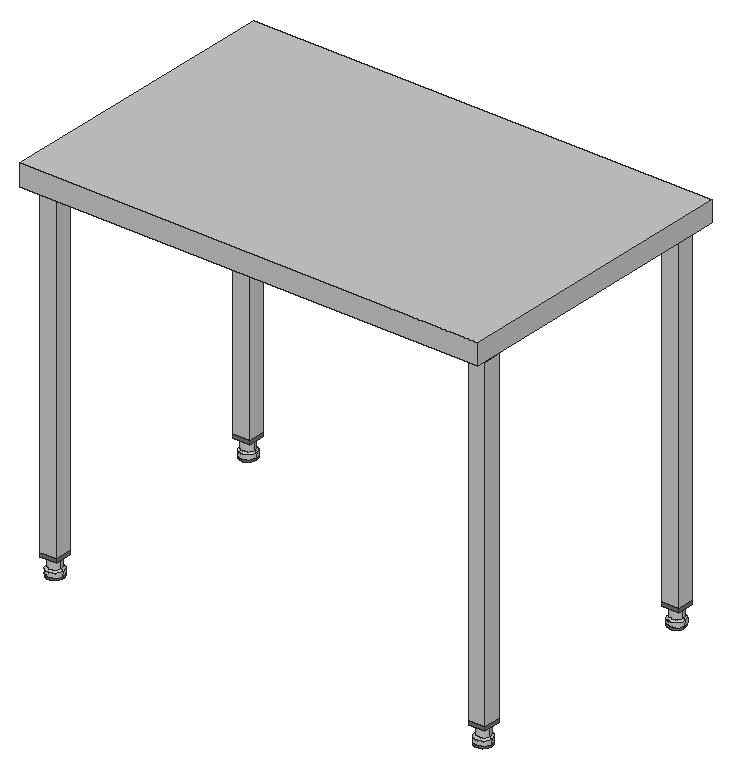
Revit family "QF_ELECTROLUXPROFESSIONAL_133219_TG1100N", category Attrezzature speciali, Revit 2020
Family settings
  Quota connettore circolare = Usa diametro
  Tipo di parte = Normale
  Basato su piano di lavoro = No
  Sempre verticale = Sì
  Taglio con vuoti quando caricato = No
  Condiviso = No
  Punto di calcolo locali = No
Parameters (values of type "Standard")
  Weight = 37.00 kg
  Watts = 0 W
  Volts = 0 V
  URL Manufacturer = "https://www.electroluxprofessional.com/"
  URL = "https://www.electroluxprofessional.com/"
  Steam Supply Size = 0 mm
  Steam Supply Minimum Pressure = 0.0 Pa
  Steam Supply Maximum Pressure = 0.0 Pa
  Steam Consumption per Hour = 0
  Refrigeration Suction Line Size = 0.0 mm
  Refrigeration Liquid Line Size = 0.0 mm
  Refrigerant Compressor Remote = yes
  Prospetto di default = 0.0 mm
  Produttore = "Electrolux Professional"
  Phase = 0
  Modello = "TG1100N"
  Length Actual = 1100.0 mm  # constant formula
  Item Number = "133219"
  Hot Water Size = 0 mm
  Height Actual = 900.0 mm  # constant formula
  HP = "0 HP"
  Gas Size = 0 mm
  Gas KW = 0
  Gas Input Pressure = 0 W
  Direct Waste Size = 0 mm
  Descrizione = "WORK TABLE 1100 MM"
  Depth Actual = 700.0 mm  # constant formula
  Cycle = 0 Hz
  Condensate Return Size = 0 mm
  Compressed Air Volume = 0.0 L/s
  Compressed Air Size = 0 mm
  Compressed Air Pressure = 0.0 Pa
  Cold Water Size = 0 mm
  Accessory = yes
Reference planes
  plane 1 "Center (Front/Back)": y = 0
  plane 2: z = 0
  plane 3 "Center (Left/Right)": x = -50
  plane 4 "LEFT": x = -600
  plane 5 "RIGHT": x = 500
  plane 6 "BACK": y = 350
  plane 7 "FRONT": y = -350
  plane 8 "Base": z = 850
  plane 9 "TOP": z = 900
  plane 10: x = -564.5
  plane 11: x = 464.5
  plane 12: y = 290
  plane 13: y = -290
Forms (mm)
  Extrusion 1, solid, material "QF_Finishes_Stainless Steel"
    sketch origin (-50, 0, 0) x (0, 1, 0) y (0, 0, 1)
      loop
        line (-350, 850) -> (350, 850) -> (350, 900) -> (-350, 900) -> (-350, 850)
    from 550 to -550
Lines and regions (mm)
  symbolic lines
    curve 1: line (500, 350, 900) -> (-600, 350, 900)
    curve 2: line (-600, 350, 900) -> (-600, -350, 900)
    curve 3: line (-600, -350, 900) -> (500, -350, 900)
    curve 4: line (500, -350, 900) -> (500, 350, 900)
Dimensions and locks
  plane 4 "LEFT" to plane 5 "RIGHT" = 1100.0 mm
  equal spacing: plane 4 "LEFT", plane 3 "Center (Left/Right)", plane 5 "RIGHT"
  plane 4 "LEFT" to plane 10 = 35.5 mm
  plane 11 to plane 5 "RIGHT" = 35.5 mm
  plane 10 to plane 11 = 1029.0 mm
  locked: plane 9 "TOP" to level at 900
  plane 6 "BACK" to plane 12 = 60.0 mm
  plane 13 to plane 7 "FRONT" = 60.0 mm
  plane 6 "BACK" to plane 7 "FRONT" = 700.0 mm
  plane 12 to plane 13 = 580.0 mm
  equal spacing: plane 6 "BACK", plane 1 "Center (Front/Back)", plane 7 "FRONT"
  locked: plane 8 "Base" to level at 850
  aligned and locked: level to plane 2
  aligned and locked: plane 10 to nested 1
  aligned and locked: nested 1 to plane 13
  aligned and locked: plane 11 to nested 2
  aligned and locked: nested 2 to plane 13
  aligned and locked: plane 11 to nested 4
  aligned and locked: nested 4 to plane 12
  aligned and locked: plane 10 to nested 3
  aligned and locked: nested 3 to plane 12
  aligned and locked: Extrusion 1 to plane 4 "LEFT"
  aligned and locked: plane 5 "RIGHT" to Extrusion 1
  aligned and locked: curve 2 to plane 4 "LEFT"
Automatic sketch dimensions
  Extrusion 1 sketch curve to plane 7 "FRONT" = 0.0 mm
  Extrusion 1 sketch curve to plane 8 "Base" = 0.0 mm
  curve 3 to plane 7 "FRONT" = 0.0 mm
  curve 4 to plane 6 "BACK" = 0.0 mm
  Extrusion 1 sketch curve to plane 9 "TOP" = 0.0 mm
  Extrusion 1 sketch curve to plane 6 "BACK" = 0.0 mm
  curve 4 to plane 5 "RIGHT" = 0.0 mm
Nested families
  nested 1: "FEET_40x40_APP42" at (-564.5, -290, 0), type "FEET_40x40_APP42"
  nested 2: "FEET_40x40_APP42" at (464.5, -290, 0), type "FEET_40x40_APP42"
  nested 3: "FEET_40x40_APP42" at (-564.5, 290, 0), type "FEET_40x40_APP42"
  nested 4: "FEET_40x40_APP42" at (464.5, 290, 0), type "FEET_40x40_APP42"
Definition of nested family "FEET_40x40_APP42"
  Parameters
    Default Elevation = 0.0 mm
    FEET = 850.0 mm
  Reference planes
    plane 1 "Center (Front/Back)": y = 0
    plane 2: z = 0
    plane 3 "Center (Left/Right)": x = 0
    plane 4: z = 850
  Forms (mm)
    Extrusion 1, solid
      sketch origin (0, 0, 0) x (1, 0, 0) y (0, 1, 0)
        loop
          line (-20, -20) -> (20, -20) -> (20, 20) -> (-20, 20) -> (-20, -20)
      from 50 to 845
    Extrusion 2, solid
      sketch origin (0, 0, 0) x (1, 0, 0) y (0, 1, 0)
        loop
          circle (0, 0) r 20
      from 0 to 5
    Extrusion 3, solid
      sketch origin (0, 0, 0) x (1, 0, 0) y (0, 1, 0)
        loop
          line (30, 30) -> (-30, 30) -> (-30, -30) -> (30, -30) -> (30, 30)
      from 845 to 850
    Extrusion 4, solid
      sketch origin (0, 0, 0) x (1, 0, 0) y (0, 1, 0)
        loop
          line (-20, -20) -> (20, -20) -> (20, 20) -> (-20, 20) -> (-20, -20)
      from 50 to 42
    Revolve 5, solid
      sketch origin (0, 0, 0) x (1, 0, 0) y (0, 0, 1)
        loop
          line (0, 42) -> (-15, 42) -> (-15, 20) -> (-20, 15) -> (-20, 5) -> (0, 5) -> (0, 42)
        axis (0, 42) -> (0, 5)
      angle from 0 to 360
  Lines and regions (mm)
    symbolic lines
      curve 1: line (0, -1.503, 0) -> (0, 1.508, 0)
      curve 2: line (1.561, 0, 0) -> (-1.439, 0, 0)
  Dimensions and locks
    "FEET": plane 4 to plane 2
    aligned and locked: level to plane 2
  Automatic sketch dimensions
    plane 1 "Center (Front/Back)" to curve 2 = 0.0 mm
    curve 1 to plane 3 "Center (Left/Right)" = 0.0 mm
    curve 2 to plane 3 "Center (Left/Right)" = 1.439 mm
    plane 3 "Center (Left/Right)" to curve 2 = 1.561 mm
    plane 1 "Center (Front/Back)" to curve 1 = 1.503 mm
    curve 1 to plane 1 "Center (Front/Back)" = 1.508 mm
    Extrusion 1 sketch curve to plane 3 "Center (Left/Right)" = 20.0 mm
    plane 3 "Center (Left/Right)" to Extrusion 1 sketch curve = 20.0 mm
    plane 1 "Center (Front/Back)" to Extrusion 1 sketch curve = 20.0 mm
    Extrusion 1 sketch curve to plane 1 "Center (Front/Back)" = 20.0 mm
    plane 1 "Center (Front/Back)" to Extrusion 2 sketch curve = 0.0 mm
    Extrusion 2 sketch curve to plane 3 "Center (Left/Right)" = 0.0 mm
    Extrusion 3 sketch curve to plane 3 "Center (Left/Right)" = 30.0 mm
    plane 3 "Center (Left/Right)" to Extrusion 3 sketch curve = 30.0 mm
    plane 1 "Center (Front/Back)" to Extrusion 3 sketch curve = 30.0 mm
    Extrusion 3 sketch curve to plane 1 "Center (Front/Back)" = 30.0 mm
    Extrusion 4 sketch curve to plane 3 "Center (Left/Right)" = 20.0 mm
    plane 3 "Center (Left/Right)" to Extrusion 4 sketch curve = 20.0 mm
    plane 1 "Center (Front/Back)" to Extrusion 4 sketch curve = 20.0 mm
    Extrusion 4 sketch curve to plane 1 "Center (Front/Back)" = 20.0 mm
    Revolve 5 sketch curve to plane 3 "Center (Left/Right)" = 0.0 mm  (x2)
    Revolve 5 sketch curve to plane 3 "Center (Left/Right)" = 15.0 mm
    Revolve 5 sketch curve to Revolve 5 sketch curve = 5.0 mm  (x3)
    level to Revolve 5 sketch curve = 5.0 mm
    Revolve 5 sketch curve to Revolve 5 sketch curve = 10.0 mm
    Revolve 5 sketch curve to Revolve 5 sketch curve = 22.0 mm
    Revolve 5 sketch curve to level = 9.561 mm
    radius of Extrusion 2 sketch curve = 20.0 mm
